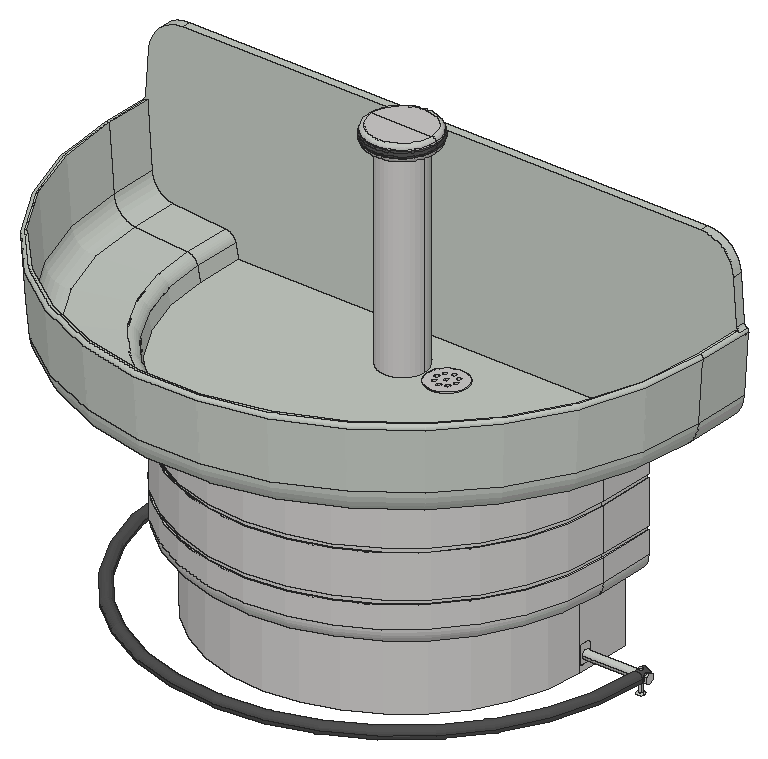
Revit family "Washfountain_Lavatory-Bradley_Corp-WF2504-Type_B_Drain", category Plumbing Fixtures, Revit 2012 (continued)
Automatic sketch dimensions
  curve 84 to curve 83 = 1.25001"
  curve 12 to curve 51 = 3.59633"
  curve 51 to curve 12 = 14.89889"
  curve 50 to curve 51 = 0.000"
  curve 49 to curve 51 = 0.000"  (x2)
  curve 46 to curve 49 = 0.000"
  curve 47 to curve 46 = 0.000"
  curve 48 to curve 47 = 0.000"  (x2)
  curve 46 to curve 41 = 0.02732"
  curve 39 to curve 41 = 0.000"  (x2)
  curve 49 to curve 42 = 0.02732"
  curve 43 to curve 42 = 0.000"
  curve 44 to curve 43 = 0.000"  (x2)
  curve 40 to curve 39 = 0.000"  (x2)
  curve 39 to curve 45 = 2.01906"
  curve 38 to curve 45 = 0.000"
  curve 12 to curve 45 = 12.8525"
  curve 45 to curve 38 = 0.00049"
  curve 45 to curve 43 = 2.01906"
  curve 42 to curve 43 = 0.000"
  curve 45 to curve 41 = 2.01906"
  curve 41 to curve 47 = 0.02732"
  curve 46 to curve 47 = 0.000"
  curve 44 to curve 50 = 0.02732"
  curve 51 to curve 50 = 0.000"
  curve 49 to curve 51 = 0.14775"
  curve 44 to curve 49 = 0.63192"
  curve 43 to curve 44 = 0.18748"
  curve 42 to curve 43 = 0.18748"
  curve 47 to curve 42 = 1.9977"
  curve 48 to curve 47 = 0.14775"
  curve 46 to curve 48 = 0.14775"
  curve 41 to curve 46 = 1.5194"
  curve 40 to curve 41 = 0.18748"
  curve 39 to curve 40 = 0.18748"
  curve 45 to curve 39 = 0.9101"
  curve 38 to curve 45 = 2.64854"
  curve 51 to curve 50 = 0.14775"
  curve 11 to curve 65 = 3.000"
  curve 11 to curve 52 = 3.000"
  curve 64 to curve 65 = 0.000"
  curve 53 to curve 65 = 0.000"
  curve 63 to curve 65 = 0.000"
  curve 54 to curve 53 = 0.000"
  curve 62 to curve 52 = 0.000"
  curve 55 to curve 53 = 0.000"  (x2)
  curve 61 to curve 62 = 0.000"
  curve 56 to curve 64 = 0.000"
  curve 60 to curve 62 = 0.000"
  curve 57 to curve 56 = 0.000"
  curve 59 to curve 52 = 0.000"
  curve 58 to curve 56 = 0.000"  (x2)
  curve 11 to curve 59 = 17.94266"
  curve 52 to curve 59 = 0.000"
  curve 52 to curve 60 = 2.01784"
  curve 64 to curve 60 = 0.000"
  curve 61 to curve 60 = 0.000"
  curve 63 to curve 64 = 0.000"
  curve 62 to curve 60 = 0.000"
  curve 65 to curve 64 = 0.000"
  curve 61 to curve 54 = 0.02854"
  curve 64 to curve 57 = 0.02854"
  curve 53 to curve 54 = 0.000"
  curve 56 to curve 57 = 0.000"
  curve 59 to curve 11 = 12.49714"
  curve 59 to curve 52 = 2.64854"
  curve 52 to curve 60 = 0.9101"
  curve 60 to curve 62 = 0.18748"
  curve 62 to curve 61 = 0.18748"
  curve 61 to curve 53 = 1.5194"
  curve 53 to curve 55 = 0.14775"
  curve 55 to curve 54 = 0.14775"
  curve 54 to curve 63 = 1.9977"
  curve 63 to curve 65 = 0.18748"
  curve 65 to curve 64 = 0.18748"
  curve 64 to curve 56 = 0.63192"
  curve 56 to curve 58 = 0.14775"
  curve 58 to curve 57 = 0.14775"
  curve 2 to curve 66 = 3.000"
  curve 2 to curve 67 = 14.33954"
  curve 2 to curve 67 = 15.1158"
  curve 67 to curve 66 = 6.85903"
  curve 66 to curve 67 = 0.38104"
  curve 2 to curve 67 = 8.81355"
  curve 66 to curve 2 = 8.46682"
  curve 66 to curve 67 = 0.0327"
  Revolve 15 sketch curve to curve 5 = 0.000"
  curve 5 to Revolve 15 sketch curve = 1.000"
  curve 5 to Revolve 15 sketch curve = 0.89718"
  Revolve 15 sketch curve to curve 5 = 0.64632"
  Revolve 15 sketch curve to Revolve 15 sketch curve = 0.17678"
  Revolve 15 sketch curve to Revolve 15 sketch curve = 0.000"  (x4)
  Revolve 15 sketch curve to Revolve 15 sketch curve = 0.60355"
  Revolve 15 sketch curve to Revolve 15 sketch curve = 0.176"
  curve 5 to Revolve 15 sketch curve = 0.34072"
  Revolve 15 sketch curve to curve 5 = 1.44037"
  Revolve 15 sketch curve to Revolve 15 sketch curve = 0.01575"
  Revolve 15 sketch curve to Revolve 15 sketch curve = 0.074"
  Revolve 15 sketch curve to Revolve 15 sketch curve = 0.0755"
  Revolve 15 sketch curve to curve 5 = 2.78252"
  Revolve 15 sketch curve to Revolve 15 sketch curve = 1.50918"
  Revolve 15 sketch curve to curve 5 = 39.99275"
  Revolve 15 sketch curve to Revolve 15 sketch curve = 0.07322"
  Revolve 15 sketch curve to Revolve 15 sketch curve = 0.60277"
  Revolve 15 sketch curve to Revolve 15 sketch curve = 0.22469"
  Revolve 15 sketch curve to curve 5 = 1.16482"
  Revolve 16 sketch curve to curve 5 = 0.000"
  Revolve 16 sketch curve to Revolve 16 sketch curve = 0.000"
  curve 5 to Revolve 16 sketch curve = 1.000"
  Revolve 16 sketch curve to curve 5 = 0.74987"
  Revolve 16 sketch curve to Revolve 16 sketch curve = 0.8255"  (x2)
  Revolve 16 sketch curve to Revolve 16 sketch curve = 0.78649"
  Revolve 16 sketch curve to curve 5 = 1.13751"
  Masking region 13 sketch curve to curve 5 = 0.000"
  Masking region 13 sketch curve to curve 5 = 1.57537"
  Masking region 13 sketch curve to curve 5 = 0.74987"
  curve 5 to Masking region 13 sketch curve = 1.000"
  Masking region 13 sketch curve to curve 5 = 1.000"
  curve 5 to Masking region 13 sketch curve = 0.74987"
  curve 5 to Masking region 13 sketch curve = 1.57537"
  Masking region 13 sketch curve to Masking region 13 sketch curve = 0.8255"  (x2)
  Masking region 14 sketch curve to curve 5 = 0.000"
  Masking region 14 sketch curve to curve 5 = 1.57537"
  Masking region 14 sketch curve to Masking region 14 sketch curve = 0.0755"  (x2)
  Masking region 14 sketch curve to Masking region 14 sketch curve = 0.11925"
  Masking region 14 sketch curve to Masking region 14 sketch curve = 0.000"  (x7)
  Masking region 14 sketch curve to Masking region 14 sketch curve = 0.135"
  Masking region 14 sketch curve to Masking region 14 sketch curve = 0.074"
  Masking region 14 sketch curve to Masking region 14 sketch curve = 0.250"
  Masking region 14 sketch curve to curve 5 = 0.82309"
  Masking region 14 sketch curve to Masking region 14 sketch curve = 0.17678"  (x2)
  curve 5 to Masking region 14 sketch curve = 0.89718"
  curve 5 to Masking region 14 sketch curve = 1.000"
  curve 5 to Masking region 14 sketch curve = 2.78252"
  Masking region 14 sketch curve to Masking region 14 sketch curve = 0.43497"
  Masking region 14 sketch curve to curve 5 = 1.000"
  Masking region 14 sketch curve to curve 5 = 0.89718"
  curve 5 to Masking region 14 sketch curve = 0.64632"
  Masking region 14 sketch curve to Masking region 14 sketch curve = 0.60355"
  Masking region 14 sketch curve to Masking region 14 sketch curve = 0.176"
  curve 5 to Masking region 14 sketch curve = 0.34072"
  curve 5 to Masking region 14 sketch curve = 1.44037"
  Masking region 14 sketch curve to Masking region 14 sketch curve = 0.01575"
  Masking region 14 sketch curve to Masking region 14 sketch curve = 0.0595"
  Masking region 14 sketch curve to curve 5 = 39.99275"
  Masking region 14 sketch curve to Masking region 14 sketch curve = 0.07322"  (x2)
  Masking region 14 sketch curve to Masking region 14 sketch curve = 0.60277"  (x2)
  Masking region 14 sketch curve to Masking region 14 sketch curve = 0.3591"
  Masking region 14 sketch curve to Masking region 14 sketch curve = 0.22469"
  Masking region 14 sketch curve to Masking region 14 sketch curve = 0.13441"
  Masking region 15 sketch curve to curve 3 = 0.125"
  curve 3 to Masking region 15 sketch curve = 0.31036"
  Masking region 15 sketch curve to curve 3 = 0.00012"
  curve 3 to Masking region 15 sketch curve = 0.31985"
  Masking region 15 sketch curve to Masking region 15 sketch curve = 0.68964"
  Masking region 15 sketch curve to curve 3 = 1.000"
  Masking region 15 sketch curve to curve 3 = 0.31985"
  Masking region 15 sketch curve to curve 3 = 0.31036"
  curve 3 to Masking region 15 sketch curve = 0.125"
  Masking region 15 sketch curve to curve 3 = 0.94458"  (x2)
  Masking region 15 sketch curve to curve 3 = 0.44473"  (x2)
  Masking region 16 sketch curve to curve 3 = 0.12503"
  Masking region 16 sketch curve to curve 3 = 0.03514"
  Masking region 16 sketch curve to curve 3 = 0.035"
  Masking region 16 sketch curve to curve 3 = 0.0313"
  Masking region 16 sketch curve to curve 3 = 0.03126"
  curve 3 to Masking region 16 sketch curve = 0.310"
  Masking region 16 sketch curve to curve 3 = 0.00052"
  curve 3 to Masking region 16 sketch curve = 0.31012"
  Masking region 16 sketch curve to Masking region 16 sketch curve = 0.690"
  Masking region 16 sketch curve to curve 3 = 1.000"
  Masking region 16 sketch curve to curve 3 = 0.31103"
  Masking region 16 sketch curve to curve 3 = 0.30726"
  curve 3 to Masking region 16 sketch curve = 0.03111"
  curve 3 to Masking region 16 sketch curve = 0.03213"
  curve 3 to Masking region 16 sketch curve = 0.035"  (x2)
  Masking region 16 sketch curve to Masking region 16 sketch curve = 0.09419"
  Masking region 16 sketch curve to curve 3 = 0.94459"
  Masking region 16 sketch curve to curve 3 = 0.94426"
  Masking region 16 sketch curve to curve 3 = 0.53856"
  Masking region 16 sketch curve to curve 3 = 0.5384"
  curve 77 to curve 3 = 0.125"
  curve 72 to curve 3 = 0.125"
  curve 76 to curve 3 = 0.03521"
  curve 73 to curve 3 = 0.035"
  curve 3 to curve 78 = 1.000"
  curve 78 to curve 3 = 1.000"
  curve 3 to curve 75 = 0.035"
  curve 3 to curve 74 = 0.035"
  curve 73 to curve 74 = 0.090"
  curve 75 to curve 75 = 0.090"
  curve 78 to curve 3 = 1.38963"
  curve 77 to curve 3 = 0.94458"
  curve 74 to curve 3 = 0.44473"
  Masking region 17 sketch curve to curve 7 = 0.000"
  Masking region 17 sketch curve to curve 7 = 3.32412"
  Masking region 17 sketch curve to curve 7 = 2.85471"
  curve 7 to Masking region 17 sketch curve = 2.85471"
  curve 7 to Masking region 17 sketch curve = 3.32412"
  Masking region 18 sketch curve to curve 7 = 0.000"  (x3)
  Masking region 18 sketch curve to curve 7 = 14.27037"  (x2)
  Masking region 18 sketch curve to curve 7 = 0.11538"
  Masking region 18 sketch curve to curve 7 = 2.85471"
  Masking region 18 sketch curve to Masking region 18 sketch curve = 0.03127"  (x2)
  Masking region 18 sketch curve to Masking region 18 sketch curve = 0.04402"  (x2)
  Masking region 18 sketch curve to Masking region 18 sketch curve = 0.040"  (x4)
  Masking region 18 sketch curve to Masking region 18 sketch curve = 0.23592"
  curve 7 to Masking region 18 sketch curve = 0.11538"
  curve 7 to Masking region 18 sketch curve = 2.85471"
  curve 7 to Masking region 18 sketch curve = 0.37358"
  Masking region 18 sketch curve to Masking region 18 sketch curve = 0.63597"  (x2)
  Masking region 18 sketch curve to Masking region 18 sketch curve = 1.25001"  (x2)
  Masking region 18 sketch curve to Masking region 18 sketch curve = 1.24999"  (x2)
  Masking region 18 sketch curve to Masking region 18 sketch curve = 1.250"  (x2)
  Masking region 18 sketch curve to Masking region 18 sketch curve = 0.62595"  (x2)
  Masking region 19 sketch curve to curve 4 = 0.875"
  Masking region 19 sketch curve to curve 4 = 0.440"
  Masking region 19 sketch curve to curve 4 = 0.00012"
  Masking region 19 sketch curve to curve 4 = 0.43015"
  curve 4 to Masking region 19 sketch curve = 0.25001"
  Masking region 19 sketch curve to Masking region 19 sketch curve = 3.99991"
  Masking region 19 sketch curve to Masking region 19 sketch curve = 0.68002"
  Masking region 19 sketch curve to Masking region 19 sketch curve = 0.0002"
  Masking region 19 sketch curve to Masking region 19 sketch curve = 0.44505"  (x3)
  curve 4 to Masking region 19 sketch curve = 0.44473"  (x2)
  Masking region 20 sketch curve to plane 9 "Spray Head" = 0.000"
  Masking region 20 sketch curve to plane 9 "Spray Head" = 0.8509"
  plane 1 "Center (Front/Back)" to Masking region 20 sketch curve = 8.37501"
  Masking region 20 sketch curve to Masking region 20 sketch curve = 0.090"  (x2)
  Masking region 20 sketch curve to Masking region 20 sketch curve = 0.09375"  (x2)
  Masking region 20 sketch curve to Masking region 20 sketch curve = 0.00375"  (x3)
  Masking region 20 sketch curve to Masking region 20 sketch curve = 0.345"  (x2)
  Masking region 20 sketch curve to Masking region 20 sketch curve = 0.690"  (x3)
  plane 1 "Center (Front/Back)" to Masking region 20 sketch curve = 3.25001"
  Masking region 20 sketch curve to Masking region 20 sketch curve = 0.34125"
  Masking region 20 sketch curve to Masking region 20 sketch curve = 0.000"
  Masking region 20 sketch curve to Masking region 20 sketch curve = 0.10005"
  Masking region 20 sketch curve to Masking region 20 sketch curve = 0.1934"  (x2)
  curve 90 to curve 4 = 0.875"
  curve 85 to curve 90 = 0.000"
  curve 85 to curve 86 = 0.090"
  curve 90 to curve 90 = 0.09001"
  curve 4 to curve 91 = 0.25001"
  curve 4 to curve 91 = 1.38963"
  curve 91 to curve 91 = 4.000"
  curve 91 to curve 88 = 1.03499"
  curve 88 to curve 87 = 0.00001"
  curve 86 to curve 87 = 0.08999"
  curve 88 to curve 88 = 0.090"
  curve 90 to curve 4 = 0.94458"
  curve 4 to curve 87 = 0.44473"
  Masking region 21 sketch curve to plane 8 "Sensor Module" = 0.000"
  plane 9 "Spray Head" to Masking region 21 sketch curve = 1.81112"
  plane 1 "Center (Front/Back)" to Masking region 21 sketch curve = 9.82537"
  Masking region 21 sketch curve to Masking region 21 sketch curve = 0.8255"  (x2)
  Masking region 21 sketch curve to Masking region 21 sketch curve = 1.74995"
  plane 1 "Center (Front/Back)" to Masking region 21 sketch curve = 3.25001"
  plane 1 "Center (Front/Back)" to Masking region 21 sketch curve = 1.50013"
  plane 1 "Center (Front/Back)" to Masking region 21 sketch curve = 0.67463"
  Masking region 22 sketch curve to curve 6 = 0.000"
  curve 6 to Masking region 22 sketch curve = 0.56541"
  Masking region 22 sketch curve to curve 6 = 2.32535"
  Masking region 22 sketch curve to Masking region 22 sketch curve = 0.0755"  (x2)
  Masking region 22 sketch curve to Masking region 22 sketch curve = 0.11925"
  Masking region 22 sketch curve to Masking region 22 sketch curve = 0.000"  (x7)
  Masking region 22 sketch curve to Masking region 22 sketch curve = 0.135"
  Masking region 22 sketch curve to Masking region 22 sketch curve = 0.074"
  Masking region 22 sketch curve to Masking region 22 sketch curve = 0.250"
  Masking region 22 sketch curve to Masking region 22 sketch curve = 0.60277"  (x2)
  Masking region 22 sketch curve to Masking region 22 sketch curve = 0.17678"  (x2)
  curve 6 to Masking region 22 sketch curve = 0.14719"
  curve 6 to Masking region 22 sketch curve = 0.25001"
  curve 6 to Masking region 22 sketch curve = 2.03244"
  Masking region 22 sketch curve to Masking region 22 sketch curve = 0.43506"
  Masking region 22 sketch curve to Masking region 22 sketch curve = 3.99991"
  Masking region 22 sketch curve to Masking region 22 sketch curve = 0.10282"
  Masking region 22 sketch curve to Masking region 22 sketch curve = 1.64632"
  curve 6 to Masking region 22 sketch curve = 2.76716"
  Masking region 22 sketch curve to Masking region 22 sketch curve = 0.60355"
  curve 6 to Masking region 22 sketch curve = 2.16439"
  Masking region 22 sketch curve to Masking region 22 sketch curve = 0.176"
  curve 6 to Masking region 22 sketch curve = 0.34072"
  Masking region 22 sketch curve to Masking region 22 sketch curve = 0.1905"
  Masking region 22 sketch curve to Masking region 22 sketch curve = 0.01575"
  Masking region 22 sketch curve to Masking region 22 sketch curve = 0.0595"
  Masking region 22 sketch curve to curve 6 = 39.99275"
  Masking region 22 sketch curve to Masking region 22 sketch curve = 0.07322"
  Masking region 22 sketch curve to Masking region 22 sketch curve = 0.22469"
  Masking region 22 sketch curve to Masking region 22 sketch curve = 0.13441"
  curve 93 to curve 6 = 2.32537"
  curve 6 to curve 92 = 0.56541"
  curve 93 to curve 92 = 0.07551"
  curve 6 to curve 94 = 0.25001"
  curve 94 to curve 94 = 3.99999"
  curve 94 to curve 92 = 2.50014"
  curve 92 to curve 93 = 0.07522"
  curve 93 to curve 92 = 1.44948"
  curve 94 to curve 93 = 0.8255"
  Masking region 23 sketch curve to curve 8 = 0.000"  (x2)
  Masking region 23 sketch curve to curve 8 = 6.000"
  curve 8 to Masking region 23 sketch curve = 8.10471"
  Masking region 23 sketch curve to Masking region 23 sketch curve = 0.46941"
  Masking region 24 sketch curve to curve 8 = 0.000"  (x2)
  Masking region 24 sketch curve to curve 8 = 6.000"
  curve 8 to Masking region 24 sketch curve = 5.250"
  Masking region 24 sketch curve to Masking region 24 sketch curve = 5.36538"
  Masking region 24 sketch curve to Masking region 24 sketch curve = 2.73934"
  Masking region 24 sketch curve to Masking region 24 sketch curve = 0.03127"
  Masking region 24 sketch curve to Masking region 24 sketch curve = 0.04402"
  Masking region 24 sketch curve to Masking region 24 sketch curve = 0.040"  (x2)
  Masking region 24 sketch curve to Masking region 24 sketch curve = 0.23592"
  Masking region 24 sketch curve to curve 8 = 14.27037"
  Masking region 24 sketch curve to Masking region 24 sketch curve = 0.63597"
  Masking region 24 sketch curve to Masking region 24 sketch curve = 1.25001"
  Masking region 24 sketch curve to Masking region 24 sketch curve = 1.24999"
  Masking region 24 sketch curve to Masking region 24 sketch curve = 1.250"
  Masking region 24 sketch curve to Masking region 24 sketch curve = 0.62595"
  curve 100 to curve 8 = 0.000"
  curve 95 to curve 8 = 0.000"
  curve 98 to curve 8 = 0.000"
  curve 96 to curve 8 = 0.000"
  curve 99 to curve 8 = 0.000"
  curve 97 to curve 8 = 0.000"
  curve 100 to curve 8 = 5.36403"
  curve 99 to curve 8 = 4.11402"
  curve 98 to curve 8 = 2.86403"
  curve 97 to curve 8 = 1.61403"
  curve 96 to curve 8 = 0.99953"
  curve 95 to curve 8 = 0.37358"
  curve 8 to curve 100 = 8.10471"
  curve 100 to curve 99 = 0.03127"
  curve 99 to curve 98 = 0.04402"
  curve 98 to curve 97 = 0.040"
  curve 97 to curve 95 = 0.27592"
  curve 96 to curve 95 = 0.000"
  plane 1 "Center (Front/Back)" to curve 150 = 2.90484"
  plane 3 "Center (Left/Right)" to curve 150 = 6.97827"
  plane 1 "Center (Front/Back)" to curve 158 = 2.04766"
  curve 150 to curve 158 = 1.52569"
  plane 3 "Center (Left/Right)" to curve 150 = 1.59028"
  plane 3 "Center (Left/Right)" to curve 158 = 0.06458"
  curve 157 to plane 3 "Center (Left/Right)" = 0.06458"
  curve 149 to plane 3 "Center (Left/Right)" = 1.59028"
  plane 1 "Center (Front/Back)" to curve 157 = 2.04766"
  curve 157 to plane 3 "Center (Left/Right)" = 5.45258"
  plane 1 "Center (Front/Back)" to curve 149 = 2.90484"
  curve 157 to curve 149 = 1.52569"
  curve 157 to curve 157 = 9.59007"
  curve 158 to curve 157 = 0.000"
  curve 158 to curve 150 = 0.85718"
  curve 157 to curve 149 = 0.85718"
  Extrusion 17 sketch curve to plane 6 "Towel Dispenser" = 0.000"
  plane 6 "Towel Dispenser" to Extrusion 17 sketch curve = 1.37502"
  Extrusion 17 sketch curve to Extrusion 17 sketch curve = 2.250"
  Extrusion 17 sketch curve to Extrusion 17 sketch curve = 4.000"
  Extrusion 18 sketch curve to plane 6 "Towel Dispenser" = 0.000"
  plane 6 "Towel Dispenser" to Extrusion 18 sketch curve = 1.37502"
  Extrusion 18 sketch curve to Extrusion 18 sketch curve = 2.250"
  Extrusion 18 sketch curve to Extrusion 18 sketch curve = 4.000"
  Split face 1 sketch curve to Extrusion 17 = 0.56845"
  Split face 1 sketch curve to Split face 1 sketch curve = 0.750"
  Split face 1 sketch curve to Extrusion 17 = 1.500"  (x2)
  Extrusion 18 to Split face 2 sketch curve = 0.56845"
  Split face 2 sketch curve to Split face 2 sketch curve = 0.750"
  Split face 2 sketch curve to Extrusion 18 = 1.500"  (x2)
  curve 106 to Extrusion 18 = 0.000"  (x3)
  Extrusion 18 to curve 141 = 2.60156"
  curve 141 to curve 141 = 1.000"
  Extrusion 18 to curve 141 = 1.95703"
  curve 107 to Extrusion 17 = 0.000"  (x3)
  curve 140 to Extrusion 17 = 2.60156"
  curve 140 to curve 140 = 1.000"
  Extrusion 17 to curve 140 = 1.95703"
  Masking region 25 sketch curve to curve 9 = 0.000"  (x2)
  Masking region 25 sketch curve to curve 9 = 1.37502"  (x2)
  Masking region 25 sketch curve to curve 9 = 5.93988"
  Masking region 25 sketch curve to Masking region 25 sketch curve = 1.96161"  (x2)
  Masking region 25 sketch curve to curve 9 = 2.45258"
  curve 9 to Masking region 25 sketch curve = 1.000"
  Masking region 25 sketch curve to curve 9 = 1.000"
  curve 9 to Masking region 25 sketch curve = 2.45258"
  curve 9 to Masking region 25 sketch curve = 3.97827"
  Masking region 25 sketch curve to Masking region 25 sketch curve = 0.68733"  (x2)
  curve 134 to curve 10 = 0.000"
  curve 130 to curve 10 = 0.95234"
  curve 134 to curve 10 = 0.09516"
  curve 10 to curve 131 = 1.00693"
  curve 138 to curve 10 = 0.29642"
  curve 132 to curve 138 = 0.44323"
  curve 138 to curve 138 = 0.31346"  (x2)
  curve 138 to curve 138 = 0.40504"
  curve 10 to curve 144 = 2.71312"
  curve 130 to curve 139 = 4.79504"
  curve 136 to curve 10 = 0.47244"
  curve 139 to curve 136 = 2.21775"
  curve 136 to curve 136 = 0.40504"
  curve 136 to curve 136 = 0.31346"  (x2)
  curve 139 to curve 131 = 4.79504"
  curve 133 to curve 10 = 1.37502"
  curve 10 to curve 144 = 3.97659"
  curve 144 to curve 144 = 1.000"
  curve 10 to curve 139 = 13.12502"
  curve 10 to curve 131 = 14.62567"
  curve 10 to curve 130 = 15.313"
  Masking region 27 sketch curve to plane 5 "Right" = 0.000"
  Masking region 27 sketch curve to plane 3 "Center (Left/Right)" = 0.000"
  Masking region 27 sketch curve to plane 1 "Center (Front/Back)" = 0.000"
  Masking region 27 sketch curve to Masking region 27 sketch curve = 0.00001"
  plane 1 "Center (Front/Back)" to Masking region 27 sketch curve = 5.09016"
  Masking region 27 sketch curve to Masking region 27 sketch curve = 0.000"
  Masking region 28 sketch curve to plane 3 "Center (Left/Right)" = 0.000"
  plane 3 "Center (Left/Right)" to Masking region 28 sketch curve = 0.06458"
  plane 3 "Center (Left/Right)" to Masking region 28 sketch curve = 3.55188"
  plane 1 "Center (Front/Back)" to Masking region 28 sketch curve = 2.04766"
  plane 3 "Center (Left/Right)" to Masking region 28 sketch curve = 5.45258"
  plane 1 "Center (Front/Back)" to Masking region 28 sketch curve = 4.00693"  (x2)
  Masking region 28 sketch curve to Masking region 28 sketch curve = 3.4873"
  Masking region 28 sketch curve to plane 3 "Center (Left/Right)" = 0.06458"
  Masking region 28 sketch curve to plane 3 "Center (Left/Right)" = 3.55188"
  Masking region 28 sketch curve to plane 3 "Center (Left/Right)" = 5.45258"
  plane 1 "Center (Front/Back)" to Masking region 28 sketch curve = 5.250"
  Masking region 29 sketch curve to plane 3 "Center (Left/Right)" = 0.000"
  Masking region 29 sketch curve to Masking region 29 sketch curve = 6.32412"
  plane 1 "Center (Front/Back)" to Masking region 29 sketch curve = 3.000"
  Masking region 29 sketch curve to Masking region 29 sketch curve = 2.250"
  curve 152 to plane 3 "Center (Left/Right)" = 0.000"
  plane 3 "Center (Left/Right)" to curve 153 = 5.85471"
  plane 1 "Center (Front/Back)" to curve 153 = 3.000"
  plane 1 "Center (Front/Back)" to curve 151 = 3.000"
  curve 153 to curve 152 = 2.250"
  curve 154 to plane 3 "Center (Left/Right)" = 0.000"
  plane 1 "Center (Front/Back)" to curve 154 = 5.250"
  Masking region 30 sketch curve to plane 3 "Center (Left/Right)" = 0.000"
  plane 1 "Center (Front/Back)" to Masking region 30 sketch curve = 5.250"
  Masking region 31 sketch curve to plane 3 "Center (Left/Right)" = 0.000"
  plane 1 "Center (Front/Back)" to Masking region 31 sketch curve = 5.250"
  curve 155 to plane 3 "Center (Left/Right)" = 0.000"
  plane 1 "Center (Front/Back)" to curve 155 = 5.250"
  Extrusion 19 sketch curve to plane 3 "Center (Left/Right)" = 0.000"
  plane 1 "Center (Front/Back)" to Extrusion 19 sketch curve = 5.250"
  Extrusion 20 sketch curve to plane 3 "Center (Left/Right)" = 0.000"
  plane 1 "Center (Front/Back)" to Extrusion 20 sketch curve = 5.250"
  curve 7 to Masking region 33 sketch curve = 1.000"
  Masking region 33 sketch curve to curve 7 = 1.000"
  Masking region 33 sketch curve to curve 7 = 8.500"
  Masking region 34 sketch curve to plane 8 "Sensor Module" = 3.500"
  plane 1 "Center (Front/Back)" to Masking region 34 sketch curve = 7.250"
  plane 1 "Center (Front/Back)" to Masking region 34 sketch curve = 3.25001"
  Extrusion 21 sketch curve to plane 3 "Center (Left/Right)" = 0.000"
  plane 3 "Center (Left/Right)" to Extrusion 21 sketch curve = 0.06458"
  plane 1 "Center (Front/Back)" to Extrusion 21 sketch curve = 2.04766"
  plane 3 "Center (Left/Right)" to Extrusion 21 sketch curve = 5.45258"
  Extrusion 21 sketch curve to plane 3 "Center (Left/Right)" = 0.06458"
  Extrusion 21 sketch curve to plane 3 "Center (Left/Right)" = 5.45258"
  plane 1 "Center (Front/Back)" to Extrusion 21 sketch curve = 5.250"
  Extrusion 21 sketch curve to Extrusion 21 sketch curve = 6.38773"
  Extrusion 22 sketch curve to Extrusion 22 sketch curve = 0.000"  (x2)
  Extrusion 22 sketch curve to plane 3 "Center (Left/Right)" = 0.000"
  plane 3 "Center (Left/Right)" to Extrusion 22 sketch curve = 0.06458"
  Extrusion 22 sketch curve to Extrusion 22 sketch curve = 2.000"
  plane 1 "Center (Front/Back)" to Extrusion 22 sketch curve = 2.04766"
  Extrusion 22 sketch curve to Extrusion 22 sketch curve = 3.45258"  (x2)
  Extrusion 22 sketch curve to plane 3 "Center (Left/Right)" = 0.06458"
  plane 1 "Center (Front/Back)" to Extrusion 22 sketch curve = 5.250"
  Extrusion 22 sketch curve to Extrusion 22 sketch curve = 6.38773"
  curve 160 to curve 159 = 0.000"
  curve 168 to curve 159 = 0.000"
  curve 169 to curve 159 = 0.000"
  curve 161 to curve 159 = 0.000"
  curve 160 to curve 159 = 3.45258"
  curve 159 to curve 166 = 0.000"
  curve 159 to curve 168 = 0.000"
  curve 167 to curve 159 = 0.000"
  curve 169 to curve 167 = 0.000"
  curve 159 to curve 161 = 3.45258"
  curve 159 to curve 169 = 1.0786"
  curve 165 to curve 164 = 0.500"
  curve 159 to curve 166 = 14.12567"
  curve 163 to curve 162 = 0.500"
  curve 162 to curve 160 = 0.68733"
  curve 162 to curve 161 = 0.68733"
  Extrusion 23 sketch curve to plane 1 "Center (Front/Back)" = 0.000"
  Extrusion 23 sketch curve to plane 3 "Center (Left/Right)" = 0.000"
  Extrusion 23 sketch curve to Extrusion 23 sketch curve = 2.00008"
  Extrusion 23 sketch curve to Extrusion 23 sketch curve = 0.000"  (x3)
  Extrusion 23 sketch curve to plane 3 "Center (Left/Right)" = 2.00008"
  plane 1 "Center (Front/Back)" to Extrusion 23 sketch curve = 5.09016"
  Extrusion 24 sketch curve to plane 1 "Center (Front/Back)" = 0.000"
  Extrusion 24 sketch curve to plane 3 "Center (Left/Right)" = 0.000"
  Extrusion 24 sketch curve to Extrusion 24 sketch curve = 2.000"
  plane 1 "Center (Front/Back)" to Extrusion 24 sketch curve = 5.09016"
  Sweep 25 sketch curve to profile plane = 0.000"
  profile plane to Sweep 25 sketch curve = 1.425"
  level to Extrusion 26 sketch curve = 1.425"
  plane 1 "Center (Front/Back)" to Extrusion 26 sketch curve = 4.625"
  level to Extrusion 27 sketch curve = 1.425"
  plane 1 "Center (Front/Back)" to Extrusion 27 sketch curve = 4.625"
  plane 4 "Left" to Extrusion 28 sketch curve = 5.99951"
  plane 1 "Center (Front/Back)" to Extrusion 28 sketch curve = 4.625"
  plane 5 "Right" to Extrusion 29 sketch curve = 5.99951"
  Extrusion 29 sketch curve to plane 1 "Center (Front/Back)" = 4.625"
  Blend 30 sketch curve to Blend 30 sketch curve = 0.000"  (x2)
  plane 4 "Left" to Blend 30 sketch curve = 5.88251"
  Blend 30 sketch curve to Blend 30 sketch curve = 0.117"
  plane 1 "Center (Front/Back)" to Blend 30 sketch curve = 4.625"  (x2)
  plane 4 "Left" to Blend 30 sketch curve = 5.99951"
  Blend 31 sketch curve to Blend 31 sketch curve = 0.000"  (x2)
  plane 5 "Right" to Blend 31 sketch curve = 5.88251"
  Blend 31 sketch curve to Blend 31 sketch curve = 0.117"
  Blend 31 sketch curve to plane 1 "Center (Front/Back)" = 4.625"  (x2)
  plane 5 "Right" to Blend 31 sketch curve = 5.99951"
  level to Extrusion 32 sketch curve = 1.64221"
  plane 1 "Center (Front/Back)" to Extrusion 32 sketch curve = 4.99598"
  level to Extrusion 32 sketch curve = 0.99875"
  Extrusion 32 sketch curve to Extrusion 32 sketch curve = 0.3715"  (x3)
  level to Extrusion 32 sketch curve = 1.85669"
  Extrusion 32 sketch curve to Extrusion 32 sketch curve = 0.21449"
  Extrusion 32 sketch curve to Extrusion 32 sketch curve = 0.42896"
  Extrusion 32 sketch curve to Extrusion 32 sketch curve = 0.21448"
  level to Extrusion 33 sketch curve = 1.64221"
  plane 1 "Center (Front/Back)" to Extrusion 33 sketch curve = 4.99598"
  level to Extrusion 33 sketch curve = 0.99875"
  Extrusion 33 sketch curve to Extrusion 33 sketch curve = 0.3715"  (x3)
  level to Extrusion 33 sketch curve = 1.85669"
  Extrusion 33 sketch curve to Extrusion 33 sketch curve = 0.21448"
  Extrusion 33 sketch curve to Extrusion 33 sketch curve = 0.42896"
  Extrusion 33 sketch curve to Extrusion 33 sketch curve = 0.21449"
  level to Extrusion 34 sketch curve = 2.04222"
  plane 1 "Center (Front/Back)" to Extrusion 34 sketch curve = 5.12723"
  Extrusion 34 sketch curve to Extrusion 34 sketch curve = 0.250"  (x3)
  Extrusion 34 sketch curve to Extrusion 34 sketch curve = 0.500"  (x2)
  level to Extrusion 34 sketch curve = 0.91722"
  level to Extrusion 35 sketch curve = 2.04222"
  plane 1 "Center (Front/Back)" to Extrusion 35 sketch curve = 5.12723"
  Extrusion 35 sketch curve to Extrusion 35 sketch curve = 0.250"  (x3)
  Extrusion 35 sketch curve to Extrusion 35 sketch curve = 0.500"  (x2)
  level to Extrusion 35 sketch curve = 0.91722"
  level to Masking region 36 sketch curve = 1.425"
  plane 4 "Left" to Masking region 36 sketch curve = 5.99951"
  level to Masking region 36 sketch curve = 1.925"
  Masking region 36 sketch curve to plane 5 "Right" = 5.99951"
  Masking region 37 sketch curve to Masking region 37 sketch curve = 0.000"  (x12)
  Masking region 37 sketch curve to level = 0.000"  (x2)
  level to Masking region 37 sketch curve = 1.85669"
  plane 4 "Left" to Masking region 37 sketch curve = 5.19973"
  Masking region 37 sketch curve to Masking region 37 sketch curve = 0.26571"  (x3)
  Masking region 37 sketch curve to Masking region 37 sketch curve = 0.19887"  (x4)
  Masking region 37 sketch curve to Masking region 37 sketch curve = 0.20907"
  Masking region 37 sketch curve to Masking region 37 sketch curve = 0.2182"  (x4)
  Masking region 37 sketch curve to Masking region 37 sketch curve = 0.117"  (x5)
  Masking region 37 sketch curve to Masking region 37 sketch curve = 0.208"  (x4)
  level to Masking region 37 sketch curve = 0.66722"  (x2)
  Masking region 37 sketch curve to Masking region 37 sketch curve = 4.69749"  (x2)
  Masking region 37 sketch curve to Masking region 37 sketch curve = 0.1255"  (x2)
  Masking region 37 sketch curve to plane 5 "Right" = 11.1475"
  Masking region 37 sketch curve to Masking region 37 sketch curve = 0.234"
  level to Masking region 37 sketch curve = 0.12175"  (x4)
  Masking region 37 sketch curve to Masking region 37 sketch curve = 0.80325"  (x2)
  Masking region 37 sketch curve to Masking region 37 sketch curve = 0.01388"  (x2)
  Masking region 37 sketch curve to Masking region 37 sketch curve = 0.05987"  (x2)
  Masking region 37 sketch curve to Masking region 37 sketch curve = 0.05525"  (x2)
  Masking region 37 sketch curve to Masking region 37 sketch curve = 0.06069"
  Masking region 37 sketch curve to Masking region 37 sketch curve = 0.11512"  (x2)
  Masking region 37 sketch curve to Masking region 37 sketch curve = 0.09802"  (x2)
  Masking region 37 sketch curve to Masking region 37 sketch curve = 1.625"  (x2)
  curve 1 to plane 1 "Center (Front/Back)" = 0.000"
  curve 191 to plane 13 = 0.000"
  curve 2 to plane 3 "Center (Left/Right)" = 0.000"
  plane 3 "Center (Left/Right)" to curve 191 = 3.000"
  plane 3 "Center (Left/Right)" to curve 1 = 3.000"
  curve 191 to plane 3 "Center (Left/Right)" = 3.000"
  curve 1 to plane 3 "Center (Left/Right)" = 3.000"
  curve 2 to plane 1 "Center (Front/Back)" = 3.000"
  plane 1 "Center (Front/Back)" to curve 2 = 3.000"
  curve 1 to curve 102 = 23.76758"
  curve 68 to curve 191 = 16.4921"
  curve 191 to curve 68 = 3.000"
  curve 191 to curve 68 = 8.43458"
  curve 191 to curve 68 = 16.4921"
  curve 191 to curve 68 = 257.83753"
  Masking region 38 sketch curve to plane 13 = 6.14764"
  plane 1 "Center (Front/Back)" to Masking region 38 sketch curve = 4.125"
  level to Masking region 38 sketch curve = 0.925"
  Masking region 38 sketch curve to Masking region 38 sketch curve = 0.500"
  Masking region 39 sketch curve to level = 0.000"
  level to Masking region 39 sketch curve = 1.21324"
  plane 1 "Center (Front/Back)" to Masking region 39 sketch curve = 4.99598"
  Masking region 39 sketch curve to Masking region 39 sketch curve = 0.0458"
  Masking region 39 sketch curve to Masking region 39 sketch curve = 0.25398"  (x2)
  level to Masking region 39 sketch curve = 1.00011"
  Masking region 39 sketch curve to Masking region 39 sketch curve = 0.11519"
  level to Masking region 39 sketch curve = 1.85669"
  Masking region 39 sketch curve to Masking region 39 sketch curve = 0.11752"
  Masking region 39 sketch curve to Masking region 39 sketch curve = 0.11648"
  level to Masking region 39 sketch curve = 1.21579"
  Masking region 39 sketch curve to Masking region 39 sketch curve = 0.25475"
  level to Masking region 39 sketch curve = 0.12175"  (x2)
  Masking region 39 sketch curve to Masking region 39 sketch curve = 0.07511"
  Masking region 39 sketch curve to Masking region 39 sketch curve = 0.42896"
  Masking region 39 sketch curve to Masking region 39 sketch curve = 0.42658"
  Masking region 39 sketch curve to Masking region 39 sketch curve = 0.06831"
  Masking region 39 sketch curve to Masking region 39 sketch curve = 0.09802"
  Masking region 39 sketch curve to Masking region 39 sketch curve = 0.234"
  Masking region 39 sketch curve to Masking region 39 sketch curve = 0.20818"
  Masking region 35 sketch curve to curve 159 = 0.000"  (x2)
  curve 159 to Masking region 35 sketch curve = 14.62567"
  curve 159 to Masking region 35 sketch curve = 16.313"
  curve 170 to curve 129 = 0.000"
  curve 111 to curve 129 = 5.93988"
  curve 145 to curve 129 = 1.37502"
  curve 145 to curve 129 = 5.93988"
  curve 127 to curve 118 = 1.05362"
  curve 118 to curve 117 = 0.10398"
  curve 117 to curve 118 = 0.55793"
  curve 119 to curve 129 = 0.29642"
  curve 118 to curve 119 = 0.55793"
  curve 119 to curve 127 = 0.42054"
  curve 143 to curve 129 = 1.51047"
  curve 120 to curve 112 = 0.31186"
  curve 120 to curve 129 = 0.30581"
  curve 129 to curve 119 = 0.25213"
  curve 120 to curve 120 = 0.10398"
  curve 120 to curve 170 = 0.64389"
  curve 170 to curve 116 = 0.40972"
  curve 129 to curve 110 = 2.93542"
  curve 110 to curve 126 = 0.12917"
  curve 115 to curve 129 = 1.40972"
  curve 115 to curve 170 = 0.40972"
  curve 123 to curve 129 = 0.25213"
  curve 129 to curve 124 = 0.30581"
  curve 129 to curve 113 = 0.55188"
  curve 128 to curve 121 = 0.31186"
  curve 124 to curve 124 = 0.10398"
  curve 124 to curve 128 = 2.27816"
  curve 122 to curve 129 = 0.33485"
  curve 128 to curve 122 = 0.31655"
  curve 122 to curve 123 = 0.10398"
  curve 122 to curve 122 = 0.55793"
  curve 122 to curve 121 = 0.55793"
  curve 142 to curve 114 = 0.95859"
  curve 128 to curve 108 = 2.694"
  curve 123 to curve 129 = 0.29642"
  curve 120 to curve 120 = 0.03843"
  curve 121 to curve 115 = 0.29642"
  curve 114 to curve 142 = 2.60156"
  curve 129 to curve 143 = 3.97659"
  curve 142 to curve 142 = 1.000"
  curve 143 to curve 143 = 1.000"
  curve 129 to curve 127 = 13.12502"
  curve 129 to curve 128 = 13.12502"
  curve 129 to curve 110 = 14.62567"
  curve 128 to curve 108 = 1.50065"
  curve 129 to curve 125 = 15.313"
  curve 126 to curve 110 = 0.000"
  Masking region 32 sketch curve to plane 7 "Soap Dispenser" = 8.500"
  Masking region 32 sketch curve to Masking region 32 sketch curve = 4.000"
  plane 1 "Center (Front/Back)" to Masking region 32 sketch curve = 7.250"
  Masking region 26 sketch curve to curve 10 = 0.000"
  Masking region 26 sketch curve to curve 10 = 0.95234"
  curve 10 to Masking region 26 sketch curve = 0.250"
  Masking region 26 sketch curve to Masking region 26 sketch curve = 4.000"
  Masking region 26 sketch curve to Masking region 26 sketch curve = 4.38773"
  curve 10 to Masking region 26 sketch curve = 9.49491"
  Masking region 26 sketch curve to Masking region 26 sketch curve = 1.95927"
  Masking region 26 sketch curve to curve 10 = 1.37502"
  curve 10 to Masking region 26 sketch curve = 14.62567"
  curve 10 to Masking region 26 sketch curve = 16.313"
  Masking region 26 sketch curve to Masking region 26 sketch curve = 0.68733"
  plane 3 "Center (Left/Right)" to Extrusion 36 sketch curve = 4.000"
  plane 1 "Center (Front/Back)" to Extrusion 36 sketch curve = 5.250"
  Extrusion 37 sketch curve to Extrusion 37 sketch curve = 0.000"  (x6)
  plane 1 "Center (Front/Back)" to Extrusion 37 sketch curve = 5.250"
  Extrusion 37 sketch curve to plane 5 "Right" = 21.250"
  Extrusion 37 sketch curve to Extrusion 37 sketch curve = 0.87229"
  Extrusion 37 sketch curve to Extrusion 37 sketch curve = 0.25708"  (x5)
  Extrusion 37 sketch curve to Extrusion 37 sketch curve = 0.62063"  (x11)
  curve 15 to curve 147 = 0.000"  (x2)
  curve 15 to curve 205 = 0.000"  (x2)
  curve 208 to curve 209 = 0.000"  (x2)
  curve 16 to plane 1 "Center (Front/Back)" = 0.000"
  curve 14 to plane 1 "Center (Front/Back)" = 0.000"
  curve 147 to plane 5 "Right" = 8.99951"
  curve 206 to plane 5 "Right" = 0.49951"
  curve 16 to plane 5 "Right" = 0.02351"
  curve 156 to plane 5 "Right" = 0.00001"
  plane 4 "Left" to curve 156 = 0.00001"
  plane 1 "Center (Front/Back)" to curve 204 = 0.8003"
  curve 209 to curve 210 = 0.000"  (x2)
  plane 3 "Center (Left/Right)" to curve 213 = 4.87771"
  curve 213 to curve 214 = 0.25708"
  curve 213 to curve 212 = 0.25708"
  curve 214 to curve 215 = 0.62063"
  curve 209 to curve 215 = 0.000"
  curve 212 to curve 211 = 0.62063"
  curve 215 to curve 216 = 0.62063"
  curve 211 to curve 218 = 0.62063"
  curve 218 to curve 217 = 0.25708"
  plane 1 "Center (Front/Back)" to curve 211 = 4.37229"
  curve 211 to curve 218 = 0.25708"
  curve 211 to curve 212 = 0.25708"
  curve 148 to curve 147 = 4.28985"
  curve 218 to curve 209 = 0.62063"
  curve 212 to curve 213 = 0.62063"
  curve 218 to curve 217 = 0.62063"
  curve 213 to curve 214 = 0.62063"
  curve 217 to curve 216 = 0.62063"
  curve 216 to curve 215 = 0.25708"
  curve 181 to curve 182 = 0.000"
  curve 182 to curve 182 = 0.26571"
  level to curve 183 = 0.12175"
  curve 180 to curve 183 = 0.41707"
  curve 182 to curve 179 = 0.51608"
  curve 179 to curve 179 = 0.13499"  (x2)
  curve 183 to curve 183 = 0.234"
  curve 179 to curve 178 = 0.22637"
  curve 179 to curve 177 = 0.22637"
  level to curve 178 = 1.054"
  curve 178 to curve 178 = 4.67912"
  curve 177 to curve 178 = 0.000"
  level to curve 184 = 1.796"
  curve 184 to plane 5 "Right" = 11.022"
  curve 185 to curve 184 = 0.000"
  level to curve 185 = 1.054"
  curve 185 to curve 185 = 4.67912"
  curve 184 to curve 185 = 0.000"
  level to curve 190 = 0.12175"
  curve 185 to curve 190 = 0.22637"
  curve 184 to curve 186 = 0.22637"
  curve 185 to curve 186 = 0.22637"
  curve 186 to curve 186 = 0.13499"
  curve 190 to curve 190 = 0.234"
  curve 186 to curve 189 = 0.51608"
  curve 189 to curve 189 = 0.26571"
  curve 188 to curve 188 = 0.26571"
  curve 179 to curve 178 = 0.129"
  curve 180 to curve 179 = 0.371"
  curve 187 to curve 186 = 0.371"
  curve 187 to curve 189 = 0.15924"
  curve 180 to curve 182 = 0.15924"
  curve 182 to curve 181 = 0.42897"
  curve 189 to curve 188 = 0.42897"
  curve 188 to curve 187 = 0.15379"
  curve 181 to curve 180 = 0.15379"
  plane 4 "Left" to curve 178 = 11.022"
  Split face 3 sketch curve to cut or joined group of Revolve 7, Extrusion 14 = 0.000"  (x3)
  Revolve 41 sketch curve to curve 7 = 0.000"
  Revolve 41 sketch curve to Revolve 41 sketch curve = 0.000"
  Revolve 41 sketch curve to curve 7 = 3.24592"
  Revolve 41 sketch curve to Revolve 41 sketch curve = 0.0782"
  Revolve 41 sketch curve to Revolve 41 sketch curve = 2.30429"
  Revolve 41 sketch curve to curve 7 = 2.44617"
  curve 7 to Extrusion 42 sketch curve = 3.24592"
  Extrusion 42 sketch curve to Extrusion 42 sketch curve = 0.0782"  (x2)
  Extrusion 42 sketch curve to curve 7 = 3.24592"
  Extrusion 42 sketch curve to curve 7 = 0.000"
  curve 5 to Extrusion 43 sketch curve = 1.3649"
  curve 5 to Extrusion 44 sketch curve = 1.3649"
  curve 5 to Extrusion 44 sketch curve = 3.000"
  curve 6 to Masking region 40 sketch curve = 1.8649"
  curve 6 to Masking region 40 sketch curve = 6.82537"
  Masking region 40 sketch curve to Masking region 40 sketch curve = 0.400"
  curve 6 to Masking region 40 sketch curve = 0.8649"
  curve 6 to Masking region 41 sketch curve = 1.6149"
  curve 6 to Masking region 41 sketch curve = 6.7498"
  Masking region 41 sketch curve to Masking region 41 sketch curve = 0.07557"
  Masking region 41 sketch curve to Masking region 41 sketch curve = 0.500"
  curve 70 to curve 5 = 1.57537"
  curve 5 to curve 69 = 0.56541"
  curve 70 to curve 69 = 0.0755"
  curve 5 to curve 71 = 1.000"
  curve 71 to curve 5 = 1.00311"
  curve 5 to curve 69 = 1.49987"
  curve 69 to curve 70 = 0.0755"
  curve 70 to curve 69 = 1.44948"
  curve 71 to curve 5 = 2.84038"
  curve 219 to curve 71 = 1.99689"
  curve 5 to curve 219 = 1.3649"
  Extrusion 40 sketch curve to Extrusion 40 sketch curve = 1.000"
  level to curve 195 = 0.91722"
  plane 1 "Center (Front/Back)" to curve 195 = 4.12723"
  curve 200 to curve 201 = 0.000"
  curve 192 to curve 201 = 0.12677"
  curve 200 to curve 194 = 0.250"
  curve 195 to curve 201 = 0.250"
  curve 196 to curve 195 = 0.13077"
  curve 192 to curve 192 = 0.371"
  curve 203 to curve 196 = 0.234"
  curve 197 to curve 203 = 0.13523"
  curve 198 to curve 200 = 0.500"
  curve 197 to curve 197 = 0.250"
  curve 198 to curve 198 = 0.250"
  curve 203 to curve 196 = 0.000"
  curve 195 to curve 192 = 0.50778"
  curve 192 to curve 201 = 0.30522"
  curve 192 to curve 202 = 0.500"
  curve 201 to curve 194 = 0.19478"
  curve 194 to curve 200 = 0.11722"
  Extrusion 40 sketch curve to plane 3 "Center (Left/Right)" = 3.500"
  radius of Masking region 28 sketch curve = 2.000"
  radius of curve 154 = 2.10282"
  radius of Masking region 30 sketch curve = 4.57537"
  radius of Masking region 31 sketch curve = 3.125"
  radius of curve 155 = 3.035"
  radius of Extrusion 19 sketch curve = 2.000"
  radius of Extrusion 20 sketch curve = 2.000"
  radius of Extrusion 21 sketch curve = 2.000"
  radius of Sweep 25 sketch curve = 0.500"
  radius of Extrusion 26 sketch curve = 0.371"
  radius of Extrusion 27 sketch curve = 0.371"
  radius of Extrusion 28 sketch curve = 0.117"
  radius of Extrusion 29 sketch curve = 0.117"
  radius of Blend 30 sketch curve = 0.325"
  radius of Blend 31 sketch curve = 0.325"
  radius of Extrusion 36 sketch curve = 1.750"
  radius of Extrusion 37 sketch curve = 0.1842"  (x9)
  radius of curve 207 to Extrusion 37 = 0.500"
  radius of curve 208 = 1.750"
  radius of curve 209 = 1.250"
  radius of curve 210 = 0.1842"
  radius of curve 211 = 0.1842"
  radius of curve 212 = 0.1842"
  radius of curve 213 = 0.1842"
  radius of curve 214 = 0.1842"
  radius of curve 215 = 0.1842"
  radius of curve 216 = 0.1842"
  radius of curve 217 = 0.1842"
  radius of curve 218 = 0.1842"
  radius of Extrusion 43 sketch curve = 0.500"
  radius of Extrusion 44 sketch curve = 0.250"
  radius of curve 219 = 0.500"
Connectors (in)
  piping at (-0.875, -4, 38.75), driven by "Hot Lavatory Inlet Primary Radius", driven by "HWFU"
    settings: on Extrusion 39, index 1, connector radius 1/4", flow factor 0, pipe flow 0.0 GPM, pressure drop 0.0 psi, fitting loss kfactor 0, connector angle 0.00°, fixture units 0, engagement length 0.000", flow configuration 3, flow direction 1, fitting loss method 0, system type 19, joint type 0, gender type 0, connector reference index -1, connector utility 0, adjustable connector no, is connector primary yes, fitting loss table "", connector description "Hot Lavatory Inlet"
  piping at (0.875, -4, 38.75), driven by "Cold Lavatory Inlet Primary Radius", driven by "CWFU"
    settings: on Extrusion 39, index 2, connector radius 1/4", flow factor 0, pipe flow 0.0 GPM, pressure drop 0.0 psi, fitting loss kfactor 0, connector angle 0.00°, fixture units 0, engagement length 0.000", flow configuration 3, flow direction 1, fitting loss method 0, system type 20, joint type 0, gender type 0, connector reference index -1, connector utility 0, adjustable connector no, is connector primary no, fitting loss table "", connector description "Cold Lavatory Inlet"
  piping at (-4, -5.25, 0), driven by "Drain Radius", driven by "WFU"
    settings: on Extrusion 38, index 3, connector radius 1", flow factor 0, pipe flow 0.0 GPM, pressure drop 0.0 psi, fitting loss kfactor 0, connector angle 0.00°, fixture units 0, engagement length 0.000", flow configuration 3, flow direction 1, fitting loss method 0, system type 16, joint type 0, gender type 0, connector reference index -1, connector utility 0, adjustable connector yes, is connector primary no, fitting loss table "", connector description "Drain"
  piping at (0, -5.25, 38.75), driven by "Vent Radius", driven by "WFU"
    settings: on Extrusion 39, index 4, connector radius 3/4", flow factor 0, pipe flow 0.0 GPM, pressure drop 0.0 psi, fitting loss kfactor 0, connector angle 0.00°, fixture units 0, engagement length 0.000", flow configuration 3, flow direction 2, fitting loss method 0, system type 16, joint type 0, gender type 0, connector reference index -1, connector utility 0, adjustable connector yes, is connector primary no, fitting loss table "", connector description "Vent"
  electrical at (-4, 0, 11), driven by "Voltage"
    settings: on Extrusion 40, index 5, voltage 110 V, apparent load 0 VA, apparent load phase1 0 VA, apparent load phase2 0 VA, apparent load phase3 0 VA, power factor 1, load classification "Other", number of poles 1, system type 31, power factor state 1, is connector primary yes, connector utility no, sub classification motor no, connector description ""
Types (3): name | Towel Dispenser Height | Standard Height | Spray Head Height | Soap Dispenser Height | Sensor Module Height | Rim Height | Supply Height | Pedestal Height | Model ID | Juvenile Height
  (no name) | 52.000" | yes | 38.750" | 47.250" | 42.250" | 29.500" | 38.750" | 19.000" | 2 | no
  Standard | 52.000" | yes | 38.750" | 47.250" | 42.250" | 29.500" | 38.750" | 19.000" | 2 | no
  Juvenile | 48.000" | no | 34.750" | 43.250" | 38.250" | 25.500" | 34.750" | 15.000" | 1 | yes
